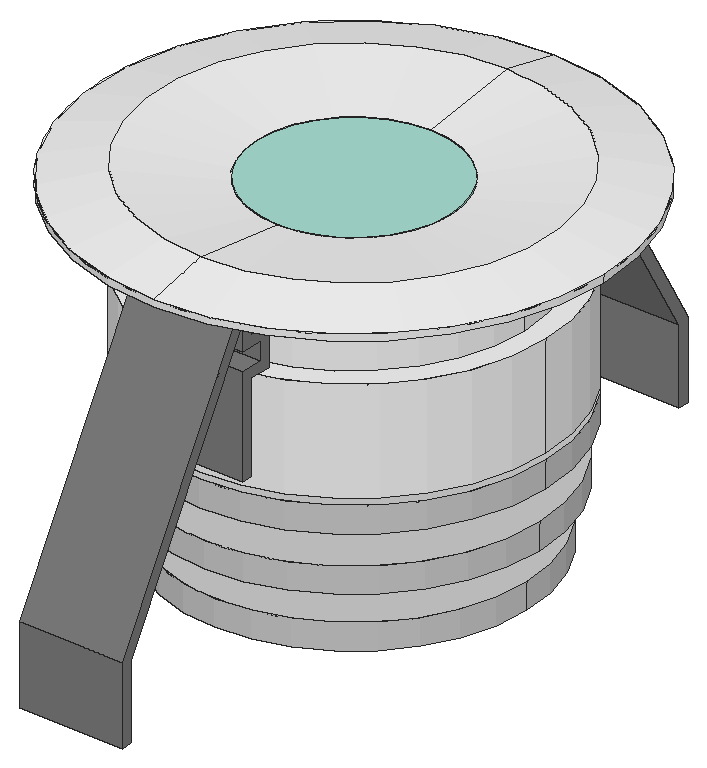
Revit family "Cameo 1.6_A", category Lighting Fixtures, host Face, Revit 2017
Family settings
  Host = Face
  Round Connector Dimension = Use Diameter
  Part Type = Normal
  Cut with Voids When Loaded = Yes
  Light Source = Yes
  Shared = No
  Room Calculation Point = Yes
Parameters (values of type "Cameo 1.6_L 52° (3000K 2.5W 24Vdc)")
  Wiring = "parallel"
  Width mm = 39 mm
  Weight kg = "0.07 kg"
  Wattage = 1.05694 W
  built-in parameter 1150110 = 1 (stored number, unit not read)
  Voltage = 24 V
  URL Accessories and power supply units = "https://www.lucelight.it/en/prodotto.php/118455#a-scheda-accessori"
  URL = "https://www.lucelight.it/en/prodotto.php/118455"
  built-in parameter 1114217 = 1 (stored number, unit not read)
  Tiltable = "-"
  URL Technical sheet = "https://www.lucelight.it/media/prodotti/st/ST_CAMEO_16.pdf"
  URL Image = "https://www.lucelight.it/media/prodotti/foto/cameo_1.6_still.jpg"
  URL IES Photometric file = "https://www.lucelight.it/media/prodotti/fotometrie/cameo_1.6_ies.zip"
  URL General code = "https://www.lucelight.it/en/prodotto.php/118455#a-generacodice"
  URL Description = "https://www.lucelight.it/en/capitolato.php/118455"
  URL DXF = "https://www.lucelight.it/media/prodotti/dxf/cameo_1.6.dxf"
  URL Catalogue = "-"
  Trim = L&L_Anodized aluminium
  Tilt Angle = 90.00°
  built-in parameter 1150109 = 1 (stored number, unit not read)
  built-in parameter 1150134 = (empty or 0)
  built-in parameter 1150113 = 1 (stored number, unit not read)
  Springs = L&L_C 67 annealed steel
  Radius Void = 15 mm
  Power supply unit = "not included"
  Power supply = "24Vdc"
  Power cables = "includes 1.5 m PVC cable FROR 2x0.35/0.35 Ø3.5 m"
  Power = "2.5W"
  Photometric Web File = "CAMEO 1.6 L 52° [3000K 2.5W 24Vdc].IES"
  Optics = "52°"
  Notes = "-"
  No. and type of led = "1 power LED, 1/4 ANSI BIN, 50 000h L90 B10 (Ta 25°C)"
  Mounting = "recessed (ceilings, and false ceilings and niches in plasterboard)"
  Model = "Cameo 1.6"
  Material = "body and trim in aluminium"
  Manufacturer = "L&L Luce&Light"
  built-in parameter 1150105 = 12.494 (stored number, unit not read)
  Lumens = 157 lm
  built-in parameter 1150115 = 1 (stored number, unit not read)
  Lumen output at source = "157 lm (3000K)"
  built-in parameter 1150137 = (empty or 0)
  built-in parameter 1150139 = (empty or 0)
  Lens = L&L_Tempered extra-clear glass
  Length mm = 39 mm
  built-in parameter 1150112 = 1 (stored number, unit not read)
  built-in parameter 1150114 = 1 (stored number, unit not read)
  LED Colour = "3000K (also available: 2700K and 4000K - ref. URL Technical sheet)"
  built-in parameter 1150132 = 2
  built-in parameter 1150102 = (empty or 0)
  built-in parameter 1150107 = 3000 (stored number, unit not read)
  built-in parameter 1150138 = (empty or 0)
  built-in parameter 1150106 = 0.12494 (stored number, unit not read)
  IP = "40"
  Height mm = 32.5 mm
  Height Void = 35 mm
  Geometry = Cameo1.6_mod : Cameo1.6_mod
  Features = "-"
  Energy efficiency class = "A A+ A++"
  Emit from Line Length = 609.6 mm
  built-in parameter 1150104 = 13.8 (stored number, unit not read)
  Dimming Lamp Color Temperature Shift = <None>
  Description = "Recessed for indoor applications"
  Delivered lumen output = "144 lm (3000K, 29°)"
  Default Elevation = 1219.2 mm
  Cutout dimensions = "diam. 35 mm"
  Control system = "-"
  Contact = "T: +39 0444 360571; E: lucelight@lucelight.it"
  Company = "L&L Luce&Light"
  Color Filter = 16777215
  Code = "CM1600100050SN Black; CM1600100050SE White"
  CRI = "90"
  Body = L&L_White anodized aluminium
  built-in parameter 1114218 = 1 (stored number, unit not read)
  built-in parameter 1150133 = 10 (stored number, unit not read)
  Apparent Load Phase 1 = 2.5 W
  Apparent Load = 0 VA
Types (5, lengths in mm): name | Trim | Springs | Photometric Web File | Optics | Body
  Cameo 1.6_L 52° (3000K 2.5W 24Vdc) | L&L_Anodized aluminium | L&L_C 67 annealed steel | "CAMEO 1.6 L 52° [3000K 2.5W 24Vdc].IES" | "52°" | L&L_White anodized aluminium
  Cameo 1.6_M 29° (3000K 2.5W 24Vdc) | L&L_Steel inox AISI 316L | none | "CAMEO 1.6 M 29° [3000K 2.5W 24Vdc].IES" | "29°" | L&L_Anodized aluminium
  Cameo 1.6_P 48° (3000K 2.5W 24Vdc) | L&L_Steel inox AISI 316L | none | "CAMEO 1.6 P (48°) [3000K 2.5W 24Vdc].IES" | "48°" | L&L_Anodized aluminium
  Cameo 1.6_S 17° (3000K 2.5W 24Vdc) | L&L_Steel inox AISI 316L | none | "CAMEO 1.6 S 17° [3000K 2.5W 24Vdc].IES" | "17°" | L&L_Anodized aluminium
  Cameo 1.6_W 16°x34° (3000K 2.5W 24Vdc) | L&L_Steel inox AISI 316L | none | "CAMEO 1.6 W 16°x34° [3000K 2.5W 24Vdc].IES" | "16°x34°" | L&L_Anodized aluminium
Reference planes
  plane 1 "Center (Front/Back)": y = 0
  plane 2: z = 0
  plane 3 "Center (Left/Right)": x = 0
  plane 4: z = -35
Forms (mm)
  Extrusion 1, void
    sketch origin (0, 0, 0) x (1, 0, 0) y (0, 1, 0)
      loop
        circle (0, 0) r 15
    from -35 to 0
Dimensions and locks
  "Height Void": plane 4 to plane 2
  "Radius Void": radius of Extrusion 1 sketch curve
  aligned and locked: plane 2 to host face
  aligned and locked: level to host face
  aligned and locked: Extrusion 1 to plane 4
  aligned and locked: plane 2 to Extrusion 1
Automatic sketch dimensions
  host sketch curve to host sketch curve = 2438.4 mm  (x2)
  plane 1 "Center (Front/Back)" to Extrusion 1 sketch curve = 0 mm
  Extrusion 1 sketch curve to plane 3 "Center (Left/Right)" = 0 mm
Nested families
  nested 1: "Cameo1.6_mod" at (0, 0, 0), type <- "Geometry", type "Cameo1.6_mod"
Connectors
  electrical at (0, 0, 0), driven by "Apparent Load Phase 1", driven by "Voltage"
    settings: index 1, voltage 24 V, apparent load 0 VA, apparent load phase1 2.5 VA, apparent load phase2 0 VA, apparent load phase3 0 VA, power factor 1, load classification "Lighting", number of poles 1, system type 31, power factor state 1, is connector primary yes, connector utility no, sub classification motor no, connector description ""
Definition of nested family "Cameo1.6_mod"
  Parameters (values of type "Cameo1.6_mod")
    Trim = none
    Springs = none
    Lens = none
    Default Elevation = 1219.2 mm
    Body = none
  Reference planes
    plane 1 "Light Source Axis (F/B)": y = 0
    plane 2: z = 0
    plane 3 "Light Source Axis (L/R)": x = 0
    plane 4 "Light Source Elevation": z = 1.5
    plane 5: x = 15
    plane 6: x = -15
    plane 7: y = -7.5
    plane 8: y = 7.5
  Forms (mm)
    Extrusion 1, solid, material <- "Body", detail levels coarse
      sketch origin (0, 0, -30.8) x (1, 0, 0) y (0, 1, 0)
        loop
          circle (0, 0) r 19.5
      from 0 to 32.3
    Extrusion 2, solid, material <- "Trim", detail levels medium
      sketch origin (0, 0, -30.8) x (1, 0, 0) y (0, 1, 0)
        loop
          circle (0, 0) r 15.054
      from 0 to 30.8
    Extrusion 3, solid, material <- "Body", detail levels medium
      sketch origin (0, 0, -30.8) x (1, 0, 0) y (0, 1, 0)
        loop
          circle (0, 0) r 19.5
        loop
          circle (0, 0) r 7.5
      from 30.8 to 32.3
    Extrusion 4, solid, material <- "Lens", detail levels medium
      sketch origin (0, 0, -30.8) x (1, 0, 0) y (0, 1, 0)
        loop
          circle (0, 0) r 7.5
      from 30.8 to 32.3
    Extrusion 5, solid, material <- "Body", detail levels fine
      sketch origin (0, 0, -30.8) x (1, 0, 0) y (0, 1, 0)
        loop
          circle (0, 0) r 15
      from 28.25 to 30.8
    Extrusion 6, solid, material <- "Body", detail levels fine
      sketch origin (0, 0, -30.8) x (1, 0, 0) y (0, 1, 0)
        loop
          circle (0, 0) r 13.3
      from 25.25 to 28.25
    Extrusion 7, solid, material <- "Body", detail levels fine
      sketch origin (0, 0, -36.35) x (1, 0, 0) y (0, 1, 0)
        loop
          circle (0, 0) r 15
      from 22.85 to 30.8
    Extrusion 8, solid, material <- "Trim", detail levels fine
      sketch origin (0, 1.069, -41.75) x (1, 0, 0) y (0, 1, 0)
        loop
          circle (0, -1.069) r 14
      from 27.75 to 28.25
    Extrusion 9, solid, material <- "Trim", detail levels fine
      sketch origin (0, 0, -38.85) x (1, 0, 0) y (0, 1, 0)
        loop
          circle (0, 0) r 15
      from 22.85 to 24.85
    Extrusion 10, solid, material <- "Trim", detail levels fine
      sketch origin (0, 0, -40.85) x (1, 0, 0) y (0, 1, 0)
        loop
          circle (0, 0) r 9
      from 22.35 to 24.85
    Extrusion 11, solid, material <- "Trim", detail levels fine
      sketch origin (0, 0, -43.35) x (1, 0, 0) y (0, 1, 0)
        loop
          circle (0, 0) r 14.5
      from 22.85 to 24.85
    Extrusion 12, solid, material <- "Trim", detail levels fine
      sketch origin (0, 0, -45.35) x (1, 0, 0) y (0, 1, 0)
        loop
          circle (0, 0) r 8
      from 22.35 to 24.85
    Extrusion 13, solid, material <- "Trim", detail levels fine
      sketch origin (0, 0, -47.85) x (1, 0, 0) y (0, 1, 0)
        loop
          circle (0, 0) r 13.5
      from 22.85 to 24.85
    Extrusion 14, solid, material <- "Body", detail levels fine
      sketch origin (0, 0, -30.8) x (1, 0, 0) y (0, 1, 0)
        loop
          circle (0, 0) r 19.5
        loop
          circle (0, 0) r 7.5
      from 30.8 to 31.3
    Revolve 15, solid, material <- "Body", detail levels fine
      sketch origin (0, 0, -30.8) x (0, 1, 0) y (0, 0, 1)
        loop
          line (-19.5, 31.3) -> (-7.5, 31.3) -> (-14.945, 32.3) -> (-19.5, 31.3)
        axis (0, 32.3) -> (0, 31.3)
      angle from 0 to 360
    Extrusion 16, solid, material <- "Lens", detail levels fine
      sketch origin (0, 0, -30.8) x (1, 0, 0) y (0, 1, 0)
        loop
          circle (0, 0) r 7.5
      from 30.8 to 31.3
  Dimensions and locks
    plane 4 "Light Source Elevation" to level = 1.5 mm  (x2)
    aligned and locked: level to plane 2
  Nested families
    nested 1: "Springs" at (-5.4, 15, -12.45) x (-1, 0, 0) z (0, 0, -1), type "Springs", detail levels fine
    nested 2: "Springs" at (-5.4, -15, -12.45) x (-1, 0, 0) z (0, 0, -1), type "Springs", detail levels fine
  Definition of nested family "Springs"
    Parameters (values of type "Springs")
      Springs = none
      Default Elevation = 1219.2 mm
    Reference planes
      plane 1 "Light Source Axis (F/B)": y = 0
      plane 2: z = 0
      plane 3 "Light Source Axis (L/R)": x = 0
      plane 4 "Light Source Elevation": z = 1500
    Forms (mm)
      Extrusion 1, solid, material <- "Springs"
        sketch origin (-1.4, -105.269, -78.274) x (0, 1, 0) y (0, 0, -1)
          loop
            line (103.963, -66.336) -> (92.769, -85.724) -> (92.769, -91.724) -> (93.569, -91.724) -> (93.569, -85.939) -> (104.469, -67.059) -> (104.469, -69.174) -> (106.169, -69.174) -> (106.169, -70.574) -> (104.469, -70.574) -> (104.469, -78.274) -> (105.269, -78.274) -> (105.269, -71.374) -> (106.969, -71.374) -> (106.969, -68.374) -> (105.269, -68.374) -> (105.269, -66.686)
            arc (105.269, -66.686) -> (104.75, -66.01) -> (103.963, -66.336) r 0.7
        from 0 to 8
    Dimensions and locks
      aligned and locked: level to plane 2
